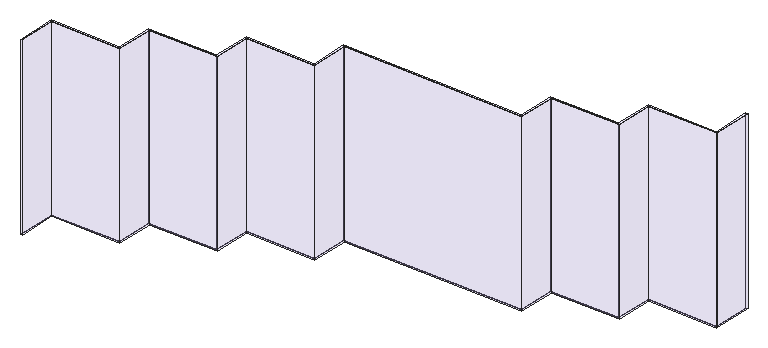
Revit family
Parameters
  spessore = 10 mm
  pianerottolo = 800 mm
  pedata = 300 mm
  alzata = 160 mm
  Default Elevation = 1219.2 mm
Reference planes
  plane 1 "Center (Front/Back)": y = 0
  plane 2: z = 0
  plane 3 "Center (Left/Right)": x = 0
  plane 4: x = -1867.309
  plane 5: x = -1857.309
  plane 6: x = -1557.309
  plane 7: x = -1547.309
  plane 8: x = -1247.309
  plane 9: x = -1237.309
  plane 10: x = -937.309
  plane 11: x = -927.309
  plane 12: x = -127.309
  plane 13: x = -117.309
  plane 14: x = 182.691
  plane 15: x = 192.691
  plane 16: x = 492.691
  plane 17: x = 502.691
  plane 18: y = 2068.431
  plane 19: y = 2078.431
  plane 20: y = 2238.431
  plane 21: y = 2248.431
  plane 22: y = 2408.431
  plane 23: y = 2418.431
  plane 24: y = 2578.431
  plane 25: y = 2588.431
  plane 26: y = 2748.431
  plane 27: y = 2758.431
  plane 28: y = 2918.431
  plane 29: y = 2928.431
  plane 30: y = 3088.431
  plane 31: y = 3098.431
  plane 32: y = 3258.431
  plane 33: y = 3268.431
Forms (mm)
  Extrusion 1, solid
    sketch origin (0, 0, 0) x (1, 0, 0) y (0, 1, 0)
      loop
        line (-1867.309, 2068.431) -> (-1857.309, 2068.431) -> (-1857.309, 2238.431) -> (-1547.309, 2238.431) -> (-1547.309, 2408.431) -> (-1237.309, 2408.431) -> (-1237.309, 2578.431) -> (-927.309, 2578.431) -> (-927.309, 2748.431) -> (-117.309, 2748.431) -> (-117.309, 2918.431) -> (192.691, 2918.431) -> (192.691, 3088.431) -> (502.691, 3088.431) -> (502.691, 3094.078) -> (502.691, 3268.431) -> (492.691, 3268.431) -> (492.691, 3098.431) -> (182.691, 3098.431) -> (182.691, 2928.431) -> (-127.309, 2928.431) -> (-127.309, 2758.431) -> (-937.309, 2758.431) -> (-937.309, 2588.431) -> (-1247.309, 2588.431) -> (-1247.309, 2418.431) -> (-1557.309, 2418.431) -> (-1557.309, 2248.431) -> (-1867.309, 2248.431) -> (-1867.309, 2068.431)
    from 0 to 800
Dimensions and locks
  "spessore": plane 19 to plane 18
  "alzata": plane 20 to plane 19
  "spessore": plane 21 to plane 20
  "alzata": plane 22 to plane 21
  "spessore": plane 23 to plane 22
  "alzata": plane 24 to plane 23
  "spessore": plane 25 to plane 24
  "alzata": plane 26 to plane 25
  "spessore": plane 27 to plane 26
  "alzata": plane 28 to plane 27
  "spessore": plane 29 to plane 28
  "alzata": plane 30 to plane 29
  "spessore": plane 31 to plane 30
  "alzata": plane 32 to plane 31
  "spessore": plane 33 to plane 32
  "spessore": plane 4 to plane 5
  "pedata": plane 5 to plane 6
  "spessore": plane 6 to plane 7
  "pedata": plane 7 to plane 8
  "spessore": plane 8 to plane 9
  "pedata": plane 9 to plane 10
  "spessore": plane 10 to plane 11
  "pianerottolo": plane 11 to plane 12
  "spessore": plane 12 to plane 13
  "pedata": plane 13 to plane 14
  "spessore": plane 14 to plane 15
  "pedata": plane 15 to plane 16
  "spessore": plane 16 to plane 17
  aligned and locked: plane 4 to Extrusion 1 sketch curve
  aligned and locked: Extrusion 1 sketch curve to plane 5
  aligned and locked: plane 6 to Extrusion 1 sketch curve
  aligned and locked: Extrusion 1 sketch curve to plane 7
  aligned and locked: plane 8 to Extrusion 1 sketch curve
  aligned and locked: Extrusion 1 sketch curve to plane 9
  aligned and locked: plane 10 to Extrusion 1 sketch curve
  aligned and locked: Extrusion 1 sketch curve to plane 11
  aligned and locked: plane 12 to Extrusion 1 sketch curve
  aligned and locked: Extrusion 1 sketch curve to plane 13
  aligned and locked: plane 14 to Extrusion 1 sketch curve
  aligned and locked: Extrusion 1 sketch curve to plane 15
  aligned and locked: Extrusion 1 sketch curve to plane 16
  aligned and locked: plane 17 to Extrusion 1 sketch curve
  aligned and locked: plane 20 to Extrusion 1 sketch curve
  aligned and locked: Extrusion 1 sketch curve to plane 21
  aligned and locked: plane 22 to Extrusion 1 sketch curve
  aligned and locked: Extrusion 1 sketch curve to plane 23
  aligned and locked: Extrusion 1 sketch curve to plane 25
  aligned and locked: plane 24 to Extrusion 1 sketch curve
  aligned and locked: plane 26 to Extrusion 1 sketch curve
  aligned and locked: Extrusion 1 sketch curve to plane 27
  aligned and locked: plane 28 to Extrusion 1 sketch curve
  aligned and locked: Extrusion 1 sketch curve to plane 29
  aligned and locked: plane 30 to Extrusion 1 sketch curve
  aligned and locked: Extrusion 1 sketch curve to plane 31
  aligned and locked: plane 33 to Extrusion 1 sketch curve
  aligned and locked: plane 18 to Extrusion 1 sketch curve
Automatic sketch dimensions
  Extrusion 1 sketch curve to Extrusion 1 sketch curve = 5.648 mm
